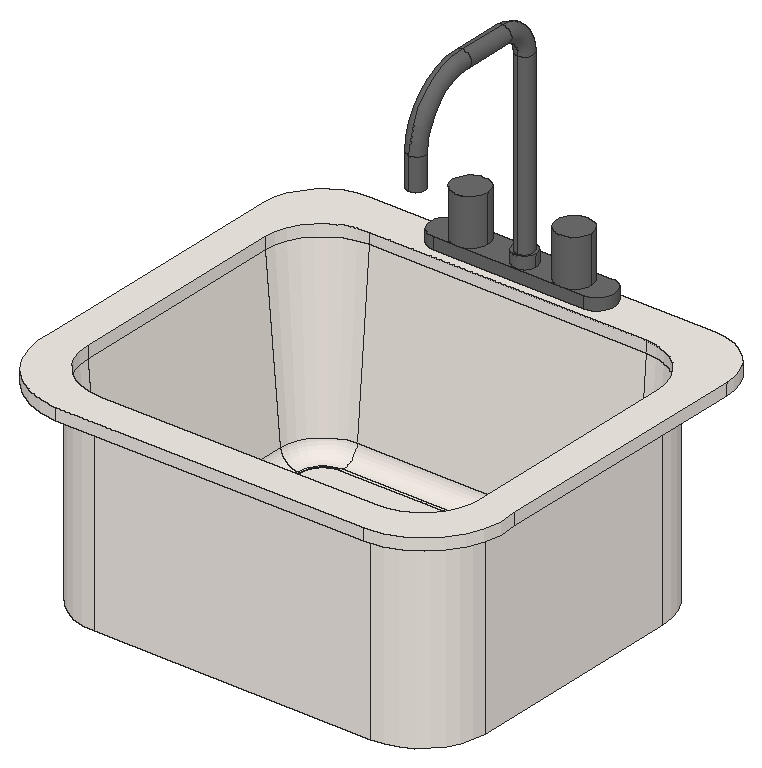
Revit family "57d869ead97a411c8c684602acc7e039", category Plumbing Fixtures, Revit 2021
Family settings
  Round Connector Dimension = Use Diameter
  Part Type = Normal
  OmniClass Number = 23.45.05.14.14
  OmniClass Title = Sinks/Lavatories
  Seek Item ID = Sink Vanity-Square-0000-USA-ENU
  Work Plane-Based = No
  Always vertical = Yes
  Cut with Voids When Loaded = No
  Shared = Yes
  Room Calculation Point = No
Parameters (values of type "20" x 18"")
  Default Elevation = 0' - 0"
  Assembly Code = "D2010400"
  Basin Material = Porcelain, Linen
  Counter Height = 2' - 7"
  Depth = 1' - 6"
  Faucet Material = Steel, Polished
  Width = 1' - 8"
Reference planes (in)
  plane 1 "Center (Front/Back)": y = -1.90766
  plane 2: z = 0
  plane 3 "Center (Left/Right)": x = 0.61769
  plane 4 "Back": y = 7.09234
  plane 5 "Bottom": y = -10.90766
  plane 6 "Left": x = -9.38231
  plane 7 "Right": x = 10.61769
  plane 8 "Top Of Counter": z = 31
  plane 9: z = 31.5
  plane 10: z = 22.5
  plane 11: y = 5.21734
  plane 12: x = -7.88231
  plane 13: y = -9.40766
  plane 14: x = 9.11769
  plane 15: x = -3.38231
  plane 16: x = 4.61769
  plane 17: y = 6.15484
  plane 18: y = 6.15484
  plane 19: y = 6.15484
  plane 20: z = 41.375
  plane 21: y = 0.27984
  plane 22: z = 34
  plane 23: z = 32.5
  plane 24: y = 6.34234
  plane 25: x = -1.88231
  plane 26: x = 2.61769
  plane 27: z = 32
Forms (in)
  Extrusion 1, solid, material "Porcelain, Linen" <- "Basin Material"
    sketch origin (0, 0, 0) x (1, 0, 0) y (0, 1, 0)
      loop
        arc (7.29682, -10.90766) -> (9.84457, -9.64433) -> (10.61769, -6.90766) r 3.50617
        line (10.61769, -6.90766) -> (10.61769, 4.59234)
        arc (10.61769, 4.59234) -> (9.88545, 6.36011) -> (8.11769, 7.09234) r 2.5
        line (8.11769, 7.09234) -> (-6.88231, 7.09234)
        arc (-6.88231, 7.09234) -> (-8.65008, 6.36011) -> (-9.38231, 4.59234) r 2.5
        line (-9.38231, 4.59234) -> (-9.38231, -6.90766)
        arc (-9.38231, -6.90766) -> (-8.6092, -9.64433) -> (-6.06144, -10.90766) r 3.50617
        line (-6.06144, -10.90766) -> (7.29682, -10.90766)
      loop
        arc (-5.38231, 5.21734) -> (-7.15008, 4.48511) -> (-7.88231, 2.71734) r 2.5
        line (-7.88231, 2.71734) -> (-7.88231, -6.90766)
        arc (-7.88231, -6.90766) -> (-7.15008, -8.67543) -> (-5.38231, -9.40766) r 2.5
        line (-5.38231, -9.40766) -> (6.61769, -9.40766)
        arc (6.61769, -9.40766) -> (8.38545, -8.67543) -> (9.11769, -6.90766) r 2.5
        line (9.11769, -6.90766) -> (9.11769, 2.71734)
        arc (9.11769, 2.71734) -> (8.38545, 4.48511) -> (6.61769, 5.21734) r 2.5
        line (6.61769, 5.21734) -> (-5.38231, 5.21734)
    from 31 to 31.5
  Sweep 2, solid, material "Porcelain, Linen" <- "Basin Material"
    path origin (0, 0, 0) x (1, 0, 0) y (0, 1, 0)
      loop
        arc (-5.38231, 5.21734) -> (-7.15008, 4.48511) -> (-7.88231, 2.71734) r 2.5
        line (-7.88231, 2.71734) -> (-7.88231, -6.90766)
        arc (-7.88231, -6.90766) -> (-7.15008, -8.67543) -> (-5.38231, -9.40766) r 2.5
        line (-5.38231, -9.40766) -> (6.61769, -9.40766)
        arc (6.61769, -9.40766) -> (8.38545, -8.67543) -> (9.11769, -6.90766) r 2.5
        line (9.11769, -6.90766) -> (9.11769, 2.71734)
        arc (9.11769, 2.71734) -> (8.38545, 4.48511) -> (6.61769, 5.21734) r 2.5
        line (6.61769, 5.21734) -> (-5.38231, 5.21734)
    profile origin (0.61769, 0, 0) x (0, 1, 0) y (0, 0, 1)
      loop
        line (5.21734, 31) -> (4.56639, 23.55963)
        arc (4.56639, 23.55963) -> (4.32594, 23.07204) -> (3.81924, 22.875) r 0.75
        line (3.81924, 22.875) -> (3.71734, 22.875) -> (3.71734, 22.5) -> (5.46734, 22.5) -> (5.46734, 31) -> (5.21734, 31)
  Extrusion 3, solid, material "Porcelain, Linen" <- "Basin Material"
    sketch origin (0, 0, 0) x (1, 0, 0) y (0, 1, 0)
      loop
        arc (-5.38231, 3.71734) -> (-6.08942, 3.42445) -> (-6.38231, 2.71734) r 1
        line (-6.38231, 2.71734) -> (-6.38231, -6.90766)
        arc (-6.38231, -6.90766) -> (-6.08942, -7.61477) -> (-5.38231, -7.90766) r 1
        line (-5.38231, -7.90766) -> (6.61769, -7.90766)
        arc (6.61769, -7.90766) -> (7.32479, -7.61477) -> (7.61769, -6.90766) r 1
        line (7.61769, -6.90766) -> (7.61769, 2.71734)
        arc (7.61769, 2.71734) -> (7.32479, 3.42445) -> (6.61769, 3.71734) r 1
        line (6.61769, 3.71734) -> (-5.38231, 3.71734)
      loop
        circle (0.61769, -2) r 1
    from 22.5 to 22.875
  Extrusion 4, solid, material "Steel, Polished" <- "Faucet Material"
    sketch origin (0, -0.69129, 0) x (1, 0, 0) y (0, 1, 0)
      loop
        circle (-1.88231, 7.03363) r 0.75
      loop
        circle (2.61769, 7.03363) r 0.75
    from 32 to 34
  Sweep 5, solid, material "Steel, Polished" <- "Faucet Material"
    path origin (0.61769, 0, 0) x (0, 1, 0) y (0, 0, 1)
      loop
        line (6.15484, 31.5) -> (6.15484, 40.1875)
        arc (6.15484, 40.1875) -> (5.80703, 41.02719) -> (4.96734, 41.375) r 1.1875
        line (4.96734, 41.375) -> (2.77984, 41.375)
        arc (2.77984, 41.375) -> (1.01207, 40.64277) -> (0.27984, 38.875) r 2.5
        line (0.27984, 38.875) -> (0.27984, 37.5)
    profile origin (0.61769, 0, 35.84375) x (0, -1, 0) y (1, 0, 0)
      loop
        circle (-6.15484, 0) r 0.375
  Extrusion 6, solid, material "Steel, Polished" <- "Faucet Material"
    sketch origin (0, 0, 0) x (1, 0, 0) y (0, 1, 0)
      loop
        circle (0.61769, 6.15484) r 0.5
    from 32 to 32.5
  Extrusion 7, solid, material "Steel, Polished" <- "Faucet Material"
    sketch origin (0, 0, 0) x (1, 0, 0) y (0, 1, 0)
      loop
        arc (-2.88231, 7.09234) -> (-3.63231, 6.34234) -> (-2.88231, 5.59234) r 0.75
        line (-2.88231, 5.59234) -> (3.61769, 5.59234)
        arc (3.61769, 5.59234) -> (4.36769, 6.34234) -> (3.61769, 7.09234) r 0.75
        line (3.61769, 7.09234) -> (-2.88231, 7.09234)
    from 32 to 31.5
Cuts and joins
  joined: Sweep 5, Extrusion 6, Extrusion 7
  joined: Extrusion 1, Sweep 2
Lines and regions (in)
  Masking region 1
    outline origin (0, 0, 31) x (0, -1, 0) y (1, 0, 0)
      loop
        arc (-7.09234, -6.88231) -> (-6.36011, -8.65008) -> (-4.59234, -9.38231) r 2.5
        line (-4.59234, -9.38231) -> (6.90766, -9.38231)
        arc (6.90766, -9.38231) -> (9.64433, -8.6092) -> (10.90766, -6.06144) r 3.50617
        line (10.90766, -6.06144) -> (10.90766, 7.29682)
        arc (10.90766, 7.29682) -> (9.64433, 9.84457) -> (6.90766, 10.61769) r 3.50617
        line (6.90766, 10.61769) -> (-4.59234, 10.61769)
        arc (-4.59234, 10.61769) -> (-6.36011, 9.88545) -> (-7.09234, 8.11769) r 2.5
        line (-7.09234, 8.11769) -> (-7.09234, -6.88231)
  symbolic lines
    curve 1: arc (1.61769, -2, 31) -> (0.61769, -1, 31) -> (-0.38231, -2, 31) r 1
    curve 2: arc (-0.38231, -2, 31) -> (0.61769, -3, 31) -> (1.61769, -2, 31) r 1
    curve 3: line (-7.88231, 2.71734, 31) -> (-7.88231, -6.90766, 31)
    curve 4: line (-5.38231, -9.40766, 31) -> (6.61769, -9.40766, 31)
    curve 5: line (9.11769, -6.90766, 31) -> (9.11769, 2.71734, 31)
    curve 6: line (6.61769, 5.21734, 31) -> (1.11769, 5.21734, 31)
    curve 7: arc (6.61769, -9.40766, 31) -> (8.38545, -8.67543, 31) -> (9.11769, -6.90766, 31) r 2.5
    curve 8: arc (-7.88231, -6.90766, 31) -> (-7.15008, -8.67543, 31) -> (-5.38231, -9.40766, 31) r 2.5
    curve 9: arc (1.11769, 6.32853, 31) -> (0.61769, 6.82853, 31) -> (0.11769, 6.32853, 31) r 0.5
    curve 10: line (0.11769, 6.32853, 31) -> (0.11769, 0.21518, 31)
    curve 11: line (1.11769, 6.32853, 31) -> (1.11769, 0.21518, 31)
    curve 12: arc (1.11769, 0.21518, 31) -> (0.61769, -0.28482, 31) -> (0.11769, 0.21518, 31) r 0.5
    curve 13: line (0.11769, 5.21734, 31) -> (-5.38231, 5.21734, 31)
    curve 14: arc (6.61769, 5.21734, 31) -> (8.38545, 4.48511, 31) -> (9.11769, 2.71734, 31) r 2.5
    curve 15: arc (3.36769, 6.34234, 31) -> (2.61769, 7.09234, 31) -> (1.86769, 6.34234, 31) r 0.75
    curve 16: arc (3.36769, 6.34234, 31) -> (2.61769, 5.59234, 31) -> (1.86769, 6.34234, 31) r 0.75
    curve 17: arc (-1.13231, 6.34234, 31) -> (-1.88231, 7.09234, 31) -> (-2.63231, 6.34234, 31) r 0.75
    curve 18: arc (-2.63231, 6.34234, 31) -> (-1.88231, 5.59234, 31) -> (-1.13231, 6.34234, 31) r 0.75
    curve 19: line (-2.88231, 5.59234, 31) -> (0.11769, 5.59234, 31)
    curve 20: arc (3.61769, 5.59234, 31) -> (4.36769, 6.34234, 31) -> (3.61769, 7.09234, 31) r 0.75
    curve 21: arc (-2.88231, 7.09234, 31) -> (-3.63231, 6.34234, 31) -> (-2.88231, 5.59234, 31) r 0.75
    curve 22: line (3.61769, 7.09234, 31) -> (-2.88231, 7.09234, 31)
    curve 23: line (1.11769, 5.59234, 31) -> (3.61769, 5.59234, 31)
    curve 24: arc (-7.88231, 2.71734, 31) -> (-7.15008, 4.48511, 31) -> (-5.38231, 5.21734, 31) r 2.5
Dimensions and locks (in)
  equal spacing: plane 6 "Left", plane 3 "Center (Left/Right)", plane 7 "Right"
  "Width": plane 6 "Left" to plane 7 "Right"
  "Depth": plane 5 "Bottom" to plane 4 "Back"
  "Counter Height": plane 8 "Top Of Counter" to plane 2
  locked: plane 9 to plane 8 "Top Of Counter" at 0.5
  locked: plane 8 "Top Of Counter" to plane 10 at 8.5
  locked: plane 6 "Left" to plane 12 at 1.5
  locked: plane 14 to plane 7 "Right" at 1.5
  locked: plane 5 "Bottom" to plane 13 at 1.5
  equal spacing: plane 11, plane 17, plane 4 "Back"
  equal spacing: plane 11, plane 18, plane 4 "Back"
  equal spacing: plane 4 "Back", plane 19, plane 11
  locked: plane 19 to plane 21 at 5.875
  locked: plane 20 to plane 9 at 9.875
  locked: plane 22 to plane 9 at 2.5
  locked: plane 23 to plane 9 at 1
  plane 24 to plane 4 "Back" = 0' - 0 3/4"
  locked: plane 25 to plane 3 "Center (Left/Right)" at 2.5
  locked: plane 3 "Center (Left/Right)" to plane 26 at 2
  locked: plane 27 to plane 9 at 0.5
  equal spacing: plane 5 "Bottom", plane 1 "Center (Front/Back)", plane 4 "Back"
  locked: Extrusion 1 sketch curve to plane 4 "Back" at 2.5
  locked: plane 6 "Left" to Extrusion 1 sketch curve at 2.5
  locked: plane 11 to plane 4 "Back" at 1.875
  radius of Extrusion 1 sketch curve = 0' - 2 1/2"  (x2)
  aligned and locked: Extrusion 1 sketch curve to plane 5 "Bottom"
  aligned and locked: plane 8 "Top Of Counter" to Extrusion 1
  aligned and locked: Extrusion 1 to plane 9
  aligned and locked: plane 11 to Extrusion 1 sketch curve
  aligned and locked: plane 14 to Extrusion 1 sketch curve
  aligned and locked: Extrusion 1 sketch curve to plane 12
  aligned and locked: Extrusion 1 sketch curve to plane 13
  aligned and locked: plane 11 to Sweep 2 sketch curve
  aligned and locked: plane 14 to Sweep 2 sketch curve
  aligned and locked: Sweep 2 sketch curve to plane 12
  aligned and locked: Sweep 2 sketch curve to plane 13
  aligned and locked: Sweep 2 to Extrusion 3 sketch curve  (x3)
  aligned and locked: Sweep 2 to Extrusion 3
  aligned and locked: plane 10 to Extrusion 3
  aligned and locked: Sweep 2 sketch curve to plane 10
  aligned and locked: plane 8 "Top Of Counter" to Sweep 2 sketch curve
  aligned and locked: Sweep 5 sketch curve to plane 19
  aligned and locked: plane 20 to Sweep 5 sketch curve
  aligned and locked: plane 21 to Sweep 5 sketch curve
  aligned and locked: Extrusion 4 to plane 22
  aligned and locked: Extrusion 6 to plane 23
  aligned and locked: plane 9 to Extrusion 7
  aligned and locked: plane 27 to Extrusion 4
  aligned and locked: Extrusion 7 to Extrusion 4
  aligned and locked: Extrusion 4 to Extrusion 6
  aligned and locked: Masking region 1 sketch curve to cut or joined group of Extrusion 1, Sweep 2  (x5)
  aligned and locked: Extrusion 3 sketch curve to cut or joined group of Extrusion 1, Sweep 2
Automatic sketch dimensions
  Sweep 2 sketch curve to plane 12 = 0' - 2 1/2"
  Sweep 2 sketch curve to Sweep 2 sketch curve = 0' - 2 1/2"
  plane 11 to Sweep 2 sketch curve = 0' - 2 1/2"
  plane 14 to Sweep 2 sketch curve = 0' - 2 1/2"
  Sweep 2 sketch curve to profile plane = 0' - 0"
  profile plane to Sweep 2 sketch curve = 0' - 0.65095"
  Sweep 2 sketch curve to Sweep 2 sketch curve = 0' - 0.74715"
  Sweep 2 sketch curve to Sweep 2 sketch curve = 0' - 0.10191"
  Sweep 2 sketch curve to profile plane = 0' - 0 1/4"
  Sweep 2 sketch curve to Sweep 2 sketch curve = 0' - 0 3/8"
  Sweep 2 sketch curve to Sweep 2 sketch curve = 0' - 0.68463"
  Sweep 5 sketch curve to plane 3 "Center (Left/Right)" = 0' - 0"
  Sweep 5 sketch curve to profile plane = 0' - 0"
  profile plane to Sweep 5 sketch curve = 0' - 0 3/8"
  Extrusion 6 sketch curve to plane 18 = 0' - 0"
  Extrusion 6 sketch curve to plane 3 "Center (Left/Right)" = 0' - 0"
  Extrusion 6 sketch curve to plane 3 "Center (Left/Right)" = 0' - 0 1/2"
  Sweep 5 sketch curve to plane 9 = 0' - 0"
  Sweep 5 sketch curve to Sweep 5 sketch curve = 0' - 2 1/2"
  plane 11 to Sweep 5 sketch curve = 0' - 0 1/4"
  Sweep 5 sketch curve to Sweep 5 sketch curve = 0' - 1 3/8"
  Extrusion 7 sketch curve to plane 24 = 0' - 0"
  plane 25 to Extrusion 7 sketch curve = 0' - 1"
  plane 4 "Back" to Extrusion 7 sketch curve = 0' - 0"
  plane 3 "Center (Left/Right)" to Extrusion 7 sketch curve = 0' - 3"
  Extrusion 1 sketch curve to plane 7 "Right" = 0' - 0"
  Extrusion 1 sketch curve to Extrusion 1 sketch curve = 0' - 1 1/2"
  Extrusion 1 sketch curve to plane 12 = 0' - 1.82087"
  Extrusion 1 sketch curve to Extrusion 1 sketch curve = 0' - 1.97076"
  Extrusion 1 sketch curve to Extrusion 1 sketch curve = 0' - 0.67913"  (x2)
  Extrusion 1 sketch curve to Extrusion 1 sketch curve = 0' - 2 1/2"  (x2)
  Extrusion 1 sketch curve to Extrusion 1 sketch curve = 0' - 0.52924"
  Extrusion 1 sketch curve to Extrusion 1 sketch curve = 0' - 0.49704"  (x2)
  Extrusion 4 sketch curve to plane 24 = 0' - 0"  (x2)
  Extrusion 4 sketch curve to plane 25 = 0' - 0"
  Extrusion 4 sketch curve to plane 26 = 0' - 0"
  Extrusion 4 sketch curve to Extrusion 4 sketch curve = 0' - 0 3/4"  (x2)
  curve 21 to plane 4 "Back" = 0' - 0"
  curve 16 to plane 24 = 0' - 0"
  curve 17 to plane 24 = 0' - 0"
  curve 21 to plane 24 = 0' - 0"
  curve 20 to plane 24 = 0' - 0"
  curve 9 to plane 3 "Center (Left/Right)" = 0' - 0"
  curve 6 to plane 11 = 0' - 0"
  curve 13 to plane 11 = 0' - 0"
  curve 5 to plane 14 = 0' - 0"
  curve 1 to plane 3 "Center (Left/Right)" = 0' - 0"
  curve 7 to plane 13 = 0' - 0"
  curve 18 to plane 25 = 0' - 0"
  curve 15 to plane 26 = 0' - 0"
  plane 24 to curve 11 = 0' - 0.0138"
  plane 11 to curve 14 = 0' - 2 1/2"
  curve 12 to plane 1 "Center (Front/Back)" = 0' - 2.12284"
  plane 1 "Center (Front/Back)" to curve 1 = 0' - 0.09234"
  curve 7 to curve 4 = 0' - 2 1/2"
  curve 8 to plane 13 = 0' - 2 1/2"
  curve 13 to plane 12 = 0' - 2 1/2"
  plane 25 to curve 22 = 0' - 1"
  curve 21 to curve 17 = 0' - 0 1/4"
  curve 2 to plane 3 "Center (Left/Right)" = 0' - 1"
  curve 19 to plane 3 "Center (Left/Right)" = 0' - 0 1/2"
  plane 26 to curve 16 = 0' - 0 3/4"
  curve 15 to curve 20 = 0' - 0 1/4"
  curve 24 to plane 12 = 0' - 0"
  Extrusion 3 sketch curve to plane 3 "Center (Left/Right)" = 0' - 0"
  Extrusion 3 sketch curve to Extrusion 3 sketch curve = 0' - 1"  (x4)
  plane 1 "Center (Front/Back)" to Extrusion 3 sketch curve = 0' - 0.09234"
  Masking region 1 sketch curve to plane 13 = 0' - 2 1/2"
  plane 14 to Masking region 1 sketch curve = 0' - 1.97076"
  Masking region 1 sketch curve to Masking region 1 sketch curve = 0' - 3.50296"
